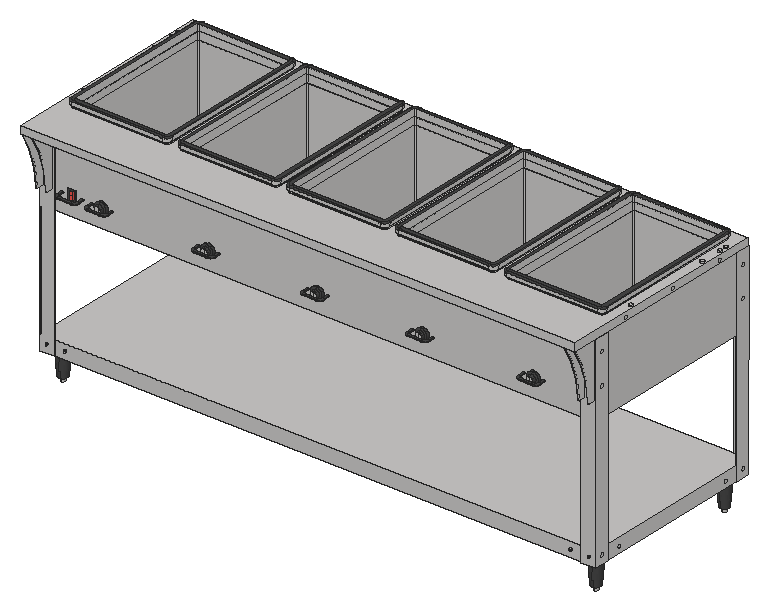
Revit family "QF_VOLLRATH_38215_SERVEWELL_SL_HOT_FOOD_TABLE", category Specialty Equipment, Revit 2022
Family settings
  Round Connector Dimension = Use Diameter
  Part Type = Normal
  Work Plane-Based = No
  Always vertical = Yes
  Cut with Voids When Loaded = No
  Maintain Annotation Orientation = No
  Shared = No
  Room Calculation Point = No
Parameters
  Weight in Pounds = 0
  Watts = 3500 W
  Volts = 120 V
  URL Cutsheet = ""
  Specification by User = ""
  Specification by Manufacturer = ""
  Serial Number = ""
  Seismic Rating = ""
  SMACNA No = ""
  Revision Code = ""
  Phase = 1
  Number of Poles = 1
  NAFEM Spec ID Number = ""
  Model = "38215"
  Min Ckt Ampacity = 0 A
  Max Overcurrent Protection = 0 A
  Masterspec = ""
  Manufacturer = "VOLLRATH"
  Length = 76"
  Item Number = ""
  Installed By = ""
  Identify Quantity as Lot = yes
  Height = 34"
  HP = ""
  Furnished By = ""
  Foodservice Equipment Identifier = yes
  FL Amps = 30 A
  Electrical Remarks = ""
  Electric Connection Type = ""
  Elec Conn RI Height = 0"
  Elec Conn Connection Height = 0"
  Description = "SERVEWELL SL HOT FOOD TABLE"
  Depth = 29 1/2"
  Default Elevation = 0"
  Cycle = 0 Hz
  Conn Plug = "NEMA 5-30P"
  Conn Conduit = yes
  CSI MasterFormat = ""
  Apparent Power = if(Phase = 3, Volts * FL Amps * 1.73, Volts * FL Amps)  # 3600 VA
Reference planes (in)
  plane 1 "BACK": y = 0
  plane 2: z = 0
  plane 3 "LEFT": x = 0
  plane 4 "RIGHT": x = 76
  plane 5 "FRONT": y = -29.5
  plane 6 "TOP": z = 34
  plane 7 "Center Y": x = 38
  plane 8 "Center X": y = -14.75
Dimensions and locks (in)
  equal spacing: plane 3 "LEFT", plane 7 "Center Y", plane 4 "RIGHT"
  "Length": plane 3 "LEFT" to plane 4 "RIGHT"
  equal spacing: plane 5 "FRONT", plane 8 "Center X", plane 1 "BACK"
  "Depth": plane 5 "FRONT" to plane 1 "BACK"
  "Height": plane 6 "TOP" to level
  nested 1 to level = 4"
  plane 4 "RIGHT" to plane 3 "LEFT" = 76"
  aligned and locked: level to plane 2
Nested families (in)
  nested 1: "QF_VOLLRATH_38203" at (0, 0, 0), type "QF_VOLLRATH_38203"
Connectors (in)
  electrical at (4.37729, -23.99392, 21.75393)
    settings: on nested 1, index 1, voltage 120 V, apparent load 0 VA, apparent load phase1 0 VA, apparent load phase2 0 VA, apparent load phase3 0 VA, power factor 1, load classification "Other", number of poles 1, system type 30, power factor state 1, is connector primary yes, connector utility no, sub classification motor no, connector description "ELECTRICAL CONNECTION"
Definition of nested family "QF_VOLLRATH_38203"
  Parameters (values of type "QF_VOLLRATH_38203")
    Weight in Pounds = 0
    Watts = 480 W
    Volts = 120 V
    URL Cutsheet = ""
    Specification by User = ""
    Specification by Manufacturer = ""
    Serial Number = ""
    Seismic Rating = ""
    SMACNA No = ""
    Revision Code = ""
    Phase = 0
    Number of Poles = 1
    NAFEM Spec ID Number = ""
    Model = "38204"
    Min Ckt Ampacity = 0 A
    Max Overcurrent Protection = 0 A
    Masterspec = ""
    Manufacturer = "VOLLRATH"
    Length = 76"
    Item Number = ""
    Installed By = ""
    Identify Quantity as Lot = yes
    Height = 34"
    HP = ""
    Furnished By = ""
    Foodservice Equipment Identifier = yes
    FL Amps = 15 A
    Electrical Remarks = ""
    Electric Connection Type = ""
    Elec Conn RI Height = 0"
    Elec Conn Connection Height = 0"
    Description = "SERVEWELL SL HOT FOOD TABLE"
    Depth = 29 1/2"
    Default Elevation = 0"
    Cycle = 0 Hz
    Conn Plug = "NEMA 5-20P"
    Conn Conduit = yes
    CSI MasterFormat = ""
    Apparent Power = if(Phase = 3, Volts * FL Amps * 1.73, Volts * FL Amps)  # 1800 VA
  Reference planes (in)
    plane 1 "BACK": y = 0
    plane 2: z = 0
    plane 3 "LEFT": x = 0
    plane 4 "RIGHT": x = 76
    plane 5 "FRONT": y = -29.5
    plane 6 "TOP": z = 34
    plane 7 "Center Y": x = 38
    plane 8 "Center X": y = -14.75
    plane 9: z = 4
    plane 10: y = -26
    plane 11: z = 6
    plane 12: x = 1.5
    plane 13: y = -18.1465
  Forms (in)
    Extrusion 1, solid
      sketch origin (-38.39759, -180, 34) x (-1, 0, 0) y (0, -1, 0)
        loop
          line (-38.39759, -180) -> (-38.39759, -150.5) -> (-114.39759, -150.5) -> (-114.39759, -180) -> (-38.39759, -180)
        loop
          arc (-52.9681, -178.35363) -> (-52.92233, -178.46411) -> (-52.81185, -178.50988) r 0.15625
          line (-52.81185, -178.50988) -> (-40.4056, -178.50988)
          arc (-40.4056, -178.50988) -> (-40.29511, -178.46411) -> (-40.24935, -178.35363) r 0.15625
          line (-40.24935, -178.35363) -> (-40.24935, -157.60363)
          arc (-40.24935, -157.60363) -> (-40.29511, -157.49314) -> (-40.4056, -157.44738) r 0.15625
          line (-40.4056, -157.44738) -> (-52.81185, -157.44738)
          arc (-52.81185, -157.44738) -> (-52.92233, -157.49314) -> (-52.9681, -157.60363) r 0.15625
          line (-52.9681, -157.60363) -> (-52.9681, -178.35363)
        loop
          line (-55.1556, -178.35363) -> (-55.1556, -157.60363)
          arc (-55.1556, -157.60363) -> (-55.20136, -157.49314) -> (-55.31185, -157.44738) r 0.15625
          line (-55.31185, -157.44738) -> (-67.7181, -157.44738)
          arc (-67.7181, -157.44738) -> (-67.82858, -157.49314) -> (-67.87435, -157.60363) r 0.15625
          line (-67.87435, -157.60363) -> (-67.87435, -178.35363)
          arc (-67.87435, -178.35363) -> (-67.82858, -178.46411) -> (-67.7181, -178.50988) r 0.15625
          line (-67.7181, -178.50988) -> (-55.31185, -178.50988)
          arc (-55.31185, -178.50988) -> (-55.20136, -178.46411) -> (-55.1556, -178.35363) r 0.15625
        loop
          arc (-70.03822, -157.60363) -> (-70.08398, -157.49314) -> (-70.19447, -157.44738) r 0.15625
          line (-70.19447, -157.44738) -> (-82.60072, -157.44738)
          arc (-82.60072, -157.44738) -> (-82.7112, -157.49314) -> (-82.75697, -157.60363) r 0.15625
          line (-82.75697, -157.60363) -> (-82.75697, -178.35363)
          arc (-82.75697, -178.35363) -> (-82.7112, -178.46411) -> (-82.60072, -178.50988) r 0.15625
          line (-82.60072, -178.50988) -> (-70.19447, -178.50988)
          arc (-70.19447, -178.50988) -> (-70.08398, -178.46411) -> (-70.03822, -178.35363) r 0.15625
          line (-70.03822, -178.35363) -> (-70.03822, -157.60363)
        loop
          line (-99.82709, -178.35363) -> (-99.82709, -157.60363)
          arc (-99.82709, -157.60363) -> (-99.87285, -157.49314) -> (-99.98334, -157.44738) r 0.15625
          line (-99.98334, -157.44738) -> (-112.38959, -157.44738)
          arc (-112.38959, -157.44738) -> (-112.50007, -157.49314) -> (-112.54584, -157.60363) r 0.15625
          line (-112.54584, -157.60363) -> (-112.54584, -178.35363)
          arc (-112.54584, -178.35363) -> (-112.50007, -178.46411) -> (-112.38959, -178.50988) r 0.15625
          line (-112.38959, -178.50988) -> (-99.98334, -178.50988)
          arc (-99.98334, -178.50988) -> (-99.87285, -178.46411) -> (-99.82709, -178.35363) r 0.15625
        loop
          arc (-97.63959, -178.35363) -> (-97.59382, -178.46411) -> (-97.48334, -178.50988) r 0.15625
          line (-97.48334, -178.50988) -> (-85.07709, -178.50988)
          arc (-85.07709, -178.50988) -> (-84.9666, -178.46411) -> (-84.92084, -178.35363) r 0.15625
          line (-84.92084, -178.35363) -> (-84.92084, -157.60363)
          arc (-84.92084, -157.60363) -> (-84.9666, -157.49314) -> (-85.07709, -157.44738) r 0.15625
          line (-85.07709, -157.44738) -> (-97.48334, -157.44738)
          arc (-97.48334, -157.44738) -> (-97.59382, -157.49314) -> (-97.63959, -157.60363) r 0.15625
          line (-97.63959, -157.60363) -> (-97.63959, -178.35363)
      from -0.90354 to -1.94773
    Extrusion 2, solid
      sketch origin (0, 0, 0) x (1, 0, 0) y (0, 1, 0)
        loop
          line (0, -26) -> (76, -26) -> (76, 0) -> (0, 0) -> (0, -26)
        loop
          arc (14.5705, -1.64637) -> (14.52474, -1.53589) -> (14.41425, -1.49012) r 0.15625
          line (14.41425, -1.49012) -> (2.008, -1.49012)
          arc (2.008, -1.49012) -> (1.89752, -1.53589) -> (1.85175, -1.64637) r 0.15625
          line (1.85175, -1.64637) -> (1.85175, -22.39637)
          arc (1.85175, -22.39637) -> (1.89752, -22.50686) -> (2.008, -22.55262) r 0.15625
          line (2.008, -22.55262) -> (14.41425, -22.55262)
          arc (14.41425, -22.55262) -> (14.52474, -22.50686) -> (14.5705, -22.39637) r 0.15625
          line (14.5705, -22.39637) -> (14.5705, -1.64637)
        loop
          arc (29.47675, -1.64637) -> (29.43099, -1.53589) -> (29.3205, -1.49012) r 0.15625
          line (29.3205, -1.49012) -> (16.91425, -1.49012)
          arc (16.91425, -1.49012) -> (16.80377, -1.53589) -> (16.758, -1.64637) r 0.15625
          line (16.758, -1.64637) -> (16.758, -22.39637)
          arc (16.758, -22.39637) -> (16.80377, -22.50686) -> (16.91425, -22.55262) r 0.15625
          line (16.91425, -22.55262) -> (29.3205, -22.55262)
          arc (29.3205, -22.55262) -> (29.43099, -22.50686) -> (29.47675, -22.39637) r 0.15625
          line (29.47675, -22.39637) -> (29.47675, -1.64637)
        loop
          arc (44.35937, -1.64637) -> (44.31361, -1.53589) -> (44.20313, -1.49012) r 0.15625
          line (44.20313, -1.49012) -> (31.79687, -1.49012)
          arc (31.79687, -1.49012) -> (31.68639, -1.53589) -> (31.64063, -1.64637) r 0.15625
          line (31.64063, -1.64637) -> (31.64063, -22.39637)
          arc (31.64063, -22.39637) -> (31.68639, -22.50686) -> (31.79687, -22.55262) r 0.15625
          line (31.79687, -22.55262) -> (44.20313, -22.55262)
          arc (44.20313, -22.55262) -> (44.31361, -22.50686) -> (44.35937, -22.39637) r 0.15625
          line (44.35937, -22.39637) -> (44.35937, -1.64637)
        loop
          arc (59.242, -1.64637) -> (59.19623, -1.53589) -> (59.08575, -1.49012) r 0.15625
          line (59.08575, -1.49012) -> (46.6795, -1.49012)
          arc (46.6795, -1.49012) -> (46.56901, -1.53589) -> (46.52325, -1.64637) r 0.15625
          line (46.52325, -1.64637) -> (46.52325, -22.39637)
          arc (46.52325, -22.39637) -> (46.56901, -22.50686) -> (46.6795, -22.55262) r 0.15625
          line (46.6795, -22.55262) -> (59.08575, -22.55262)
          arc (59.08575, -22.55262) -> (59.19623, -22.50686) -> (59.242, -22.39637) r 0.15625
          line (59.242, -22.39637) -> (59.242, -1.64637)
        loop
          arc (74.14825, -1.64637) -> (74.10248, -1.53589) -> (73.992, -1.49012) r 0.15625
          line (73.992, -1.49012) -> (61.58575, -1.49012)
          arc (61.58575, -1.49012) -> (61.47526, -1.53589) -> (61.4295, -1.64637) r 0.15625
          line (61.4295, -1.64637) -> (61.4295, -22.39637)
          arc (61.4295, -22.39637) -> (61.47526, -22.50686) -> (61.58575, -22.55262) r 0.15625
          line (61.58575, -22.55262) -> (73.992, -22.55262)
          arc (73.992, -22.55262) -> (74.10248, -22.50686) -> (74.14825, -22.39637) r 0.15625
          line (74.14825, -22.39637) -> (74.14825, -1.64637)
      from 21.87893 to 32.05227
    Extrusion 3, solid
      sketch origin (0, 0, 0) x (1, 0, 0) y (0, 1, 0)
        loop
          line (-0.0625, -26.0625) -> (1.9375, -26.0625) -> (1.9375, -26) -> (0, -26) -> (0, -24.0625) -> (-0.0625, -24.0625) -> (-0.0625, -26.0625)
        loop
          line (-0.0625, 0.0625) -> (-0.0625, -1.9375) -> (0, -1.9375) -> (0, 0) -> (1.9375, 0) -> (1.9375, 0.0625) -> (-0.0625, 0.0625)
        loop
          line (76.0625, -26.0625) -> (76.0625, -24.0625) -> (76, -24.0625) -> (76, -26) -> (74.0625, -26) -> (74.0625, -26.0625) -> (76.0625, -26.0625)
        loop
          line (76.0625, 0.0625) -> (74.0625, 0.0625) -> (74.0625, 0) -> (76, 0) -> (76, -1.9375) -> (76.0625, -1.9375) -> (76.0625, 0.0625)
      from 4 to 32.05227
    Extrusion 4, solid
      sketch origin (0, -180, 4) x (-1, 0, 0) y (0, -1, 0)
        loop
          line (0, -180) -> (0, -154) -> (-76, -154) -> (-76, -180) -> (0, -180)
      from 0 to 2
    Sweep 5, solid
      path origin (0, 0, 0) x (1, 0, 0) y (0, 1, 0)
        loop
          arc (2.008, -1.14637) -> (1.65445, -1.29282) -> (1.508, -1.64637) r 0.5
          line (1.508, -1.64637) -> (1.508, -22.39637)
          arc (1.508, -22.39637) -> (1.65445, -22.74993) -> (2.008, -22.89637) r 0.5
          line (2.008, -22.89637) -> (14.41425, -22.89637)
          arc (14.41425, -22.89637) -> (14.76781, -22.74993) -> (14.91425, -22.39637) r 0.5
          line (14.91425, -22.39637) -> (14.91425, -1.64637)
          arc (14.91425, -1.64637) -> (14.76781, -1.29282) -> (14.41425, -1.14637) r 0.5
          line (14.41425, -1.14637) -> (2.008, -1.14637)
      profile origin (8.21113, -1.14637, 0) x (0, 1, 0) y (0, 0, 1)
        loop
          arc (0.21875, 33.86984) -> (0.18063, 33.96188) -> (0.08859, 34) r 0.13016
          line (0.08859, 34) -> (-0.34375, 34) -> (-0.34375, 21.87893) -> (0, 21.87893) -> (0, 33.09646)
          arc (0, 33.09646) -> (-0.07256, 33.26176) -> (-0.03125, 33.4375) r 0.285
          line (-0.03125, 33.4375) -> (0.21875, 33.4375) -> (0.21875, 33.86984)
    Extrusion 6, solid
      sketch origin (0, 0, 0) x (0, 1, 0) y (0, 0, 1)
        loop
          arc (-29.38523, 32.05227) -> (-27.76168, 28.48926) -> (-27.05801, 24.63752) r 15.90135
          arc (-27.05801, 24.63752) -> (-26.98006, 24.47007) -> (-26.80842, 24.40183) r 0.25
          line (-26.80842, 24.40183) -> (-26.0625, 24.40183) -> (-26.0625, 32.05227) -> (-29.38523, 32.05227)
      from 0.19267 to 0.26943
    Extrusion 7, solid
      sketch origin (1.38301, 0, 0) x (0, 1, 0) y (0, 0, 1)
        loop
          arc (-29.38523, 32.05227) -> (-27.76168, 28.48926) -> (-27.05801, 24.63752) r 15.90135
          arc (-27.05801, 24.63752) -> (-26.98006, 24.47007) -> (-26.80842, 24.40183) r 0.25
          line (-26.80842, 24.40183) -> (-26.0625, 24.40183) -> (-26.0625, 32.05227) -> (-29.38523, 32.05227)
      from 0.12501 to 0.21028
    Revolve 8, solid
      sketch origin (8.383, 0.0625, 0) x (0, 1, 0) y (0, 0, 1)
        loop
          line (-26.0625, 24.44451) -> (-26.0625, 25.25473) -> (-26.36725, 25.25473) -> (-26.50448, 24.94383) -> (-26.8125, 24.8613) -> (-26.8125, 24.44451) -> (-26.0625, 24.44451)
        axis (-26.8125, 24.44451) -> (-26.0625, 24.44451)
      angle from 0 to 360
    Sweep 9, solid
      path origin (0, 0, 0) x (1, 0, 0) y (0, 1, 0)
        loop
          line (7, -26) -> (7, -26.83521)
          arc (7, -26.83521) -> (7.12149, -27.12851) -> (7.41479, -27.25) r 0.41479
          line (7.41479, -27.25) -> (9.33594, -27.25)
          arc (9.33594, -27.25) -> (9.62872, -27.12872) -> (9.75, -26.83594) r 0.41406
          line (9.75, -26.83594) -> (9.75, -26)
      profile origin (8.37537, -27.25, 0) x (0, 1, 0) y (0, 0, 1)
        loop
          circle (0, 24.4375) r 0.125
    Revolve 10, solid
      sketch origin (23, 0.0625, 0) x (0, 1, 0) y (0, 0, 1)
        loop
          line (-26.0625, 24.44451) -> (-26.0625, 25.25473) -> (-26.36725, 25.25473) -> (-26.50448, 24.94383) -> (-26.8125, 24.8613) -> (-26.8125, 24.44451) -> (-26.0625, 24.44451)
        axis (-26.8125, 24.44451) -> (-26.0625, 24.44451)
      angle from 0 to 360
    Sweep 11, solid
      path origin (-0.37852, 0, 0) x (1, 0, 0) y (0, 1, 0)
        loop
          line (22, -26) -> (22, -26.83521)
          arc (22, -26.83521) -> (22.12149, -27.12851) -> (22.41479, -27.25) r 0.41479
          line (22.41479, -27.25) -> (24.33594, -27.25)
          arc (24.33594, -27.25) -> (24.62872, -27.12872) -> (24.75, -26.83594) r 0.41406
          line (24.75, -26.83594) -> (24.75, -26)
      profile origin (22.99685, -27.25, 0) x (0, 1, 0) y (0, 0, 1)
        loop
          circle (0, 24.4375) r 0.125
    Revolve 12, solid
      sketch origin (37.992, 0.0625, 0) x (0, 1, 0) y (0, 0, -1)
        loop
          line (-26.0625, -24.44451) -> (-26.8125, -24.44451) -> (-26.8125, -24.8613) -> (-26.50448, -24.94383) -> (-26.36725, -25.25473) -> (-26.0625, -25.25473) -> (-26.0625, -24.44451)
        axis (-26.8125, -24.44451) -> (-26.0625, -24.44451)
      angle from 0 to 360
    Sweep 13, solid
      path origin (46, 0, 0) x (-1, 0, 0) y (0, -1, 0)
        loop
          line (-7.6875, 26) -> (-7.6875, 26.83521)
          arc (-7.6875, 26.83521) -> (-7.56601, 27.12851) -> (-7.27271, 27.25) r 0.41479
          line (-7.27271, 27.25) -> (-5.35156, 27.25)
          arc (-5.35156, 27.25) -> (-5.05878, 27.12872) -> (-4.9375, 26.83594) r 0.41406
          line (-4.9375, 26.83594) -> (-4.9375, 26)
      profile origin (52.31213, -27.25, 0) x (0, -1, 0) y (0, 0, 1)
        loop
          circle (0, 24.4375) r 0.125
    Extrusion 14, solid
      sketch origin (0, -26, 0) x (1, 0, 0) y (0, 0, 1)
        loop
          line (3.81326, 25.25117) -> (3.81326, 23.75117) -> (4.81326, 23.75117) -> (4.81326, 25.25117) -> (3.81326, 25.25117)
        loop
          line (4.10495, 25.04634) -> (4.10495, 24.03072) -> (4.52019, 24.03072) -> (4.52019, 25.04634) -> (4.10495, 25.04634)
      from 0 to 0.0625
    Extrusion 15, solid
      sketch origin (4.10495, -26, 24.53072) x (0, 0, 1) y (0, -1, 0)
        loop
          line (0.51563, 0.0625) -> (0.51563, 0.12731) -> (0.05202, 0.12731) -> (-0.49994, 0.20488) -> (-0.49994, 0.0625) -> (0.51563, 0.0625)
      from 0 to 0.41524
    Sweep 16, solid
      path origin (-4.03125, 0, 0) x (1, 0, 0) y (0, 1, 0)
        loop
          line (7, -26) -> (7, -26.83521)
          arc (7, -26.83521) -> (7.12149, -27.12851) -> (7.41479, -27.25) r 0.41479
          line (7.41479, -27.25) -> (9.33594, -27.25)
          arc (9.33594, -27.25) -> (9.62872, -27.12872) -> (9.75, -26.83594) r 0.41406
          line (9.75, -26.83594) -> (9.75, -26)
      profile origin (4.34412, -27.25, 0) x (0, 1, 0) y (0, 0, 1)
        loop
          circle (0, 24.4375) r 0.125
    Extrusion 17, solid
      sketch origin (-38.39759, -180, 33.09646) x (-1, 0, 0) y (0, -1, 0)
        loop
          circle (-38.90258, -176.94303) r 0.25
        loop
          circle (-38.90258, -175.89791) r 0.25
        loop
          circle (-38.93459, -172.90202) r 0.25
        loop
          circle (-38.96584, -160.74577) r 0.25
      from 0 to 0.0625
    Extrusion 18, solid
      sketch origin (0.1875, 0, 21.87893) x (0, 1, 0) y (1, 0, 0)
        loop
          circle (-23.99392, 4.18979) r 0.5
      from 0 to 0.125
    Extrusion 19, solid
      sketch origin (0, 0, 21.87893) x (0, 1, 0) y (1, 0, 0)
        loop
          circle (-19.65551, 8.32474) r 0.5
        loop
          circle (-19.65551, 22.82474) r 0.5
        loop
          circle (-19.65551, 38) r 0.5
        loop
          circle (-19.65551, 67.67526) r 0.5
        loop
          circle (-19.65551, 53.17526) r 0.5
        loop
          circle (-19.65551, 8.32474) r 0.5625
        loop
          circle (-19.65551, 22.82474) r 0.5625
        loop
          circle (-19.65551, 38) r 0.5625
        loop
          circle (-19.65551, 53.17526) r 0.5625
        loop
          circle (-19.65551, 67.67526) r 0.5625
      from 0 to 2
    Extrusion 20, solid
      sketch origin (0, 0, 0) x (1, 0, 0) y (0, 0, 1)
        loop
          arc (8.11974, 21.11331) -> (7.98829, 20.87122) -> (8.15928, 20.65522) r 0.25
          line (8.15928, 20.65522) -> (8.15928, 19.87893) -> (8.44974, 19.87893) -> (8.44974, 20.65323)
          arc (8.44974, 20.65323) -> (8.62739, 20.87543) -> (8.48208, 21.12001) r 0.25
          line (8.48208, 21.12001) -> (8.48208, 21.37213) -> (8.11974, 21.37213) -> (8.11974, 21.11331)
      from 20.74955 to 20.32975
    Extrusion 21, solid
      sketch origin (0, 0, 0) x (1, 0, 0) y (0, 0, 1)
        loop
          circle (8.30179, 20.88613) r 0.25
      from 20.15525 to 20.32975
    Extrusion 22, solid
      sketch origin (-0.47959, 0, 0) x (1, 0, 0) y (0, 0, 1)
        loop
          arc (23.11974, 21.11331) -> (22.98829, 20.87122) -> (23.15928, 20.65522) r 0.25
          line (23.15928, 20.65522) -> (23.15928, 19.87893) -> (23.44974, 19.87893) -> (23.44974, 20.65323)
          arc (23.44974, 20.65323) -> (23.62739, 20.87543) -> (23.48208, 21.12001) r 0.25
          line (23.48208, 21.12001) -> (23.48208, 21.37213) -> (23.11974, 21.37213) -> (23.11974, 21.11331)
      from 20.74955 to 20.32975
    Extrusion 23, solid
      sketch origin (-0.47278, 0, 0) x (1, 0, 0) y (0, 0, 1)
        loop
          circle (23.30179, 20.88613) r 0.25
      from 20.15525 to 20.32975
    Extrusion 24, solid
      sketch origin (30.18325, 0, 0) x (1, 0, 0) y (0, 0, 1)
        loop
          arc (22.80724, 21.11331) -> (22.67579, 20.87122) -> (22.84678, 20.65522) r 0.25
          line (22.84678, 20.65522) -> (22.84678, 19.87893) -> (23.13724, 19.87893) -> (23.13724, 20.65323)
          arc (23.13724, 20.65323) -> (23.31489, 20.87543) -> (23.16958, 21.12001) r 0.25
          line (23.16958, 21.12001) -> (23.16958, 21.37213) -> (22.80724, 21.37213) -> (22.80724, 21.11331)
      from 20.74955 to 20.32975
    Extrusion 25, solid
      sketch origin (30.18325, 0, 0) x (1, 0, 0) y (0, 0, 1)
        loop
          circle (22.98929, 20.88613) r 0.25
      from 20.15525 to 20.32975
    Extrusion 26, solid
      sketch origin (76, 0, 34) x (0, -1, 0) y (0, 0, -1)
        loop
          circle (25.09699, 3.76064) r 0.17669
        loop
          circle (25.09699, 8.01064) r 0.17669
        loop
          circle (25.09699, 28.76064) r 0.17669
        loop
          circle (22.10841, 29.02211) r 0.17669
        loop
          circle (3.92282, 29.02211) r 0.17669
        loop
          circle (0.93013, 28.81284) r 0.17669
        loop
          circle (0.93013, 7.8989) r 0.17669
        loop
          circle (0.93013, 3.74659) r 0.17669
        loop
          circle (20.96222, 1.42378) r 0.17669
        loop
          circle (12.96222, 1.42378) r 0.17669
        loop
          circle (4.96222, 1.42378) r 0.17669
      from 0 to 0.125
    Extrusion 27, solid
      sketch origin (0, 0, 34) x (0, -1, 0) y (0, 0, 1)
        loop
          circle (25.09699, -3.76064) r 0.17669
        loop
          circle (25.09699, -8.01064) r 0.17669
        loop
          circle (25.09699, -28.76064) r 0.17669
        loop
          circle (22.10841, -29.02211) r 0.17669
        loop
          circle (3.92282, -29.02211) r 0.17669
        loop
          circle (0.93013, -28.81284) r 0.17669
        loop
          circle (0.93013, -7.8989) r 0.17669
        loop
          circle (0.93013, -3.74659) r 0.17669
        loop
          circle (20.96222, -1.42378) r 0.17669
        loop
          circle (12.96222, -1.42378) r 0.17669
        loop
          circle (4.96222, -1.42378) r 0.17669
      from 0 to 0.125
    Extrusion 28, solid
      sketch origin (76.0625, -26.0625, 0) x (-1, 0, 0) y (0, 0, -1)
        loop
          circle (0.93848, -30.25949) r 0.14866
        loop
          circle (0.93848, -26.00949) r 0.14866
        loop
          circle (75.18652, -30.25949) r 0.14866
        loop
          circle (75.18652, -26.00949) r 0.14866
        loop
          circle (75.18652, -5.09351) r 0.14866
        loop
          circle (72.68652, -5.09351) r 0.14866
        loop
          circle (0.93848, -5.09351) r 0.14866
        loop
          circle (3.43848, -5.09351) r 0.14866
      from 0 to 0.0625
    Revolve 29, solid
      sketch origin (1.5, 0, 0) x (0, 1, 0) y (0, 0, 1)
        loop
          line (-24.0625, 4) -> (-24.99188, 4) -> (-24.69114, 0.5625) -> (-24.34375, 0.5625) -> (-24.34375, 0) -> (-24.0625, 0) -> (-24.0625, 4)
        axis (-24.0625, 4) -> (-24.0625, 0)
      angle from 0 to 360
    Revolve 30, solid
      sketch origin (1.5, -26.125, 0) x (0, -1, 0) y (0, 0, -1)
        loop
          line (-24.0625, -4) -> (-24.0625, 0) -> (-24.34375, 0) -> (-24.34375, -0.5625) -> (-24.69114, -0.5625) -> (-24.99188, -4) -> (-24.0625, -4)
        axis (-24.0625, -4) -> (-24.0625, 0)
      angle from 0 to 360
    Blend 31, solid
      base sketch origin (46, 0, 0) x (-1, 0, 0) y (0, -1, 0)
        loop
          line (40.06273, 18.1465) -> (44.56273, 18.1465) -> (44.56273, 23.02664) -> (40.06273, 23.02664) -> (40.06273, 18.1465)
      top sketch origin (46, 0, 0) x (-1, 0, 0) y (0, -1, 0)
        loop
          line (40.56273, 22.52664) -> (40.56273, 18.6465) -> (44.06273, 18.6465) -> (44.06273, 22.52664) -> (40.56273, 22.52664)
      from 4 to 3.30089
    Blend 32, solid
      base sketch origin (46, -26.0164, 0) x (-1, 0, 0) y (0, -1, 0)
        loop
          line (40.06273, -18.1465) -> (40.06273, -23.02664) -> (44.56273, -23.02664) -> (44.56273, -18.1465) -> (40.06273, -18.1465)
      top sketch origin (46, -26.0164, 0) x (-1, 0, 0) y (0, -1, 0)
        loop
          line (40.56273, -22.52664) -> (44.06273, -22.52664) -> (44.06273, -18.6465) -> (40.56273, -18.6465) -> (40.56273, -22.52664)
      from 4 to 3.30089
    Extrusion 33, solid
      sketch origin (45.98841, 0, 0) x (-1, 0, 0) y (0, 0, -1)
        loop
          line (7.80724, -21.11331) -> (7.80724, -21.37213) -> (8.16958, -21.37213) -> (8.16958, -21.12001)
          arc (8.16958, -21.12001) -> (8.31489, -20.87543) -> (8.13724, -20.65323) r 0.25
          line (8.13724, -20.65323) -> (8.13724, -19.87893) -> (7.84678, -19.87893) -> (7.84678, -20.65522)
          arc (7.84678, -20.65522) -> (7.67579, -20.87122) -> (7.80724, -21.11331) r 0.25
      from 20.74955 to 20.32975
    Extrusion 34, solid
      sketch origin (61.48416, 0, 0) x (-1, 0, 0) y (0, 0, -1)
        loop
          circle (8.30179, -20.88613) r 0.25
      from 20.15525 to 20.32975
    Extrusion 35, solid
      sketch origin (45.9816, 0, 0) x (-1, 0, 0) y (0, 0, -1)
        loop
          circle (7.98929, -20.88613) r 0.25
      from 20.15525 to 20.32975
    Revolve 36, solid
      sketch origin (52.367, 0.0625, 0) x (0, 1, 0) y (0, 0, -1)
        loop
          line (-26.0625, -24.44451) -> (-26.8125, -24.44451) -> (-26.8125, -24.8613) -> (-26.50448, -24.94383) -> (-26.36725, -25.25473) -> (-26.0625, -25.25473) -> (-26.0625, -24.44451)
        axis (-26.8125, -24.44451) -> (-26.0625, -24.44451)
      angle from 0 to 360
    Revolve 37, solid
      sketch origin (74.5, 0, 0) x (0, 1, 0) y (0, 0, -1)
        loop
          line (-24.0625, -4) -> (-24.0625, 0) -> (-24.34375, 0) -> (-24.34375, -0.5625) -> (-24.69114, -0.5625) -> (-24.99188, -4) -> (-24.0625, -4)
        axis (-24.0625, -4) -> (-24.0625, 0)
      angle from 0 to 360
    Revolve 38, solid
      sketch origin (74.5, -26.125, 0) x (0, -1, 0) y (0, 0, 1)
        loop
          line (-24.0625, 4) -> (-24.99188, 4) -> (-24.69114, 0.5625) -> (-24.34375, 0.5625) -> (-24.34375, 0) -> (-24.0625, 0) -> (-24.0625, 4)
        axis (-24.0625, 4) -> (-24.0625, 0)
      angle from 0 to 360
    Blend 39, solid
      base sketch origin (30, 0, 0) x (1, 0, 0) y (0, 1, 0)
        loop
          line (40.06273, -18.1465) -> (40.06273, -23.02664) -> (44.56273, -23.02664) -> (44.56273, -18.1465) -> (40.06273, -18.1465)
      top sketch origin (30, 0, 0) x (1, 0, 0) y (0, 1, 0)
        loop
          line (40.56273, -22.52664) -> (44.06273, -22.52664) -> (44.06273, -18.6465) -> (40.56273, -18.6465) -> (40.56273, -22.52664)
      from 4 to 3.30089
    Blend 40, solid
      base sketch origin (30, -26.0164, 0) x (1, 0, 0) y (0, 1, 0)
        loop
          line (40.06273, 18.1465) -> (44.56273, 18.1465) -> (44.56273, 23.02664) -> (40.06273, 23.02664) -> (40.06273, 18.1465)
      top sketch origin (30, -26.0164, 0) x (1, 0, 0) y (0, 1, 0)
        loop
          line (40.56273, 22.52664) -> (40.56273, 18.6465) -> (44.06273, 18.6465) -> (44.06273, 22.52664) -> (40.56273, 22.52664)
      from 4 to 3.30089
    Extrusion 41, solid
      sketch origin (76, 0, 0) x (0, 1, 0) y (0, 0, -1)
        loop
          line (-29.38523, -32.05227) -> (-26.0625, -32.05227) -> (-26.0625, -24.40183) -> (-26.80842, -24.40183)
          arc (-26.80842, -24.40183) -> (-26.98006, -24.47007) -> (-27.05801, -24.63752) r 0.25
          arc (-27.05801, -24.63752) -> (-27.76168, -28.48926) -> (-29.38523, -32.05227) r 15.90135
      from 0.19267 to 0.26943
    Extrusion 42, solid
      sketch origin (74.61699, 0, 0) x (0, 1, 0) y (0, 0, -1)
        loop
          line (-29.38523, -32.05227) -> (-26.0625, -32.05227) -> (-26.0625, -24.40183) -> (-26.80842, -24.40183)
          arc (-26.80842, -24.40183) -> (-26.98006, -24.47007) -> (-27.05801, -24.63752) r 0.25
          arc (-27.05801, -24.63752) -> (-27.76168, -28.48926) -> (-29.38523, -32.05227) r 15.90135
      from 0.12501 to 0.21028
    Sweep 43, solid
      path origin (14.90625, 0, 0) x (1, 0, 0) y (0, 1, 0)
        loop
          arc (2.008, -1.14637) -> (1.65445, -1.29282) -> (1.508, -1.64637) r 0.5
          line (1.508, -1.64637) -> (1.508, -22.39637)
          arc (1.508, -22.39637) -> (1.65445, -22.74993) -> (2.008, -22.89637) r 0.5
          line (2.008, -22.89637) -> (14.41425, -22.89637)
          arc (14.41425, -22.89637) -> (14.76781, -22.74993) -> (14.91425, -22.39637) r 0.5
          line (14.91425, -22.39637) -> (14.91425, -1.64637)
          arc (14.91425, -1.64637) -> (14.76781, -1.29282) -> (14.41425, -1.14637) r 0.5
          line (14.41425, -1.14637) -> (2.008, -1.14637)
      profile origin (23.11738, -1.14637, 0) x (0, 1, 0) y (0, 0, 1)
        loop
          arc (0.21875, 33.86984) -> (0.18063, 33.96188) -> (0.08859, 34) r 0.13016
          line (0.08859, 34) -> (-0.34375, 34) -> (-0.34375, 21.87893) -> (0, 21.87893) -> (0, 33.09646)
          arc (0, 33.09646) -> (-0.07256, 33.26176) -> (-0.03125, 33.4375) r 0.285
          line (-0.03125, 33.4375) -> (0.21875, 33.4375) -> (0.21875, 33.86984)
    Sweep 44, solid
      path origin (29.78887, 0, 0) x (1, 0, 0) y (0, 1, 0)
        loop
          arc (2.008, -1.14637) -> (1.65445, -1.29282) -> (1.508, -1.64637) r 0.5
          line (1.508, -1.64637) -> (1.508, -22.39637)
          arc (1.508, -22.39637) -> (1.65445, -22.74993) -> (2.008, -22.89637) r 0.5
          line (2.008, -22.89637) -> (14.41425, -22.89637)
          arc (14.41425, -22.89637) -> (14.76781, -22.74993) -> (14.91425, -22.39637) r 0.5
          line (14.91425, -22.39637) -> (14.91425, -1.64637)
          arc (14.91425, -1.64637) -> (14.76781, -1.29282) -> (14.41425, -1.14637) r 0.5
          line (14.41425, -1.14637) -> (2.008, -1.14637)
      profile origin (38, -1.14637, 0) x (0, 1, 0) y (0, 0, 1)
        loop
          arc (0.21875, 33.86984) -> (0.18063, 33.96188) -> (0.08859, 34) r 0.13016
          line (0.08859, 34) -> (-0.34375, 34) -> (-0.34375, 21.87893) -> (0, 21.87893) -> (0, 33.09646)
          arc (0, 33.09646) -> (-0.07256, 33.26176) -> (-0.03125, 33.4375) r 0.285
          line (-0.03125, 33.4375) -> (0.21875, 33.4375) -> (0.21875, 33.86984)
    Sweep 45, solid
      path origin (76, 0, 0) x (-1, 0, 0) y (0, -1, 0)
        loop
          line (2.008, 1.14637) -> (14.41425, 1.14637)
          arc (14.41425, 1.14637) -> (14.76781, 1.29282) -> (14.91425, 1.64637) r 0.5
          line (14.91425, 1.64637) -> (14.91425, 22.39637)
          arc (14.91425, 22.39637) -> (14.76781, 22.74993) -> (14.41425, 22.89637) r 0.5
          line (14.41425, 22.89637) -> (2.008, 22.89637)
          arc (2.008, 22.89637) -> (1.65445, 22.74993) -> (1.508, 22.39637) r 0.5
          line (1.508, 22.39637) -> (1.508, 1.64637)
          arc (1.508, 1.64637) -> (1.65445, 1.29282) -> (2.008, 1.14637) r 0.5
      profile origin (67.78887, -1.14637, 0) x (0, -1, 0) y (0, 0, 1)
        loop
          line (-0.21875, 33.86984) -> (-0.21875, 33.4375) -> (0.03125, 33.4375)
          arc (0.03125, 33.4375) -> (0.07256, 33.26176) -> (0, 33.09646) r 0.285
          line (0, 33.09646) -> (0, 21.87893) -> (0.34375, 21.87893) -> (0.34375, 34) -> (-0.08859, 34)
          arc (-0.08859, 34) -> (-0.18063, 33.96188) -> (-0.21875, 33.86984) r 0.13016
    Sweep 46, solid
      path origin (61.09375, 0, 0) x (-1, 0, 0) y (0, -1, 0)
        loop
          line (2.008, 1.14637) -> (14.41425, 1.14637)
          arc (14.41425, 1.14637) -> (14.76781, 1.29282) -> (14.91425, 1.64637) r 0.5
          line (14.91425, 1.64637) -> (14.91425, 22.39637)
          arc (14.91425, 22.39637) -> (14.76781, 22.74993) -> (14.41425, 22.89637) r 0.5
          line (14.41425, 22.89637) -> (2.008, 22.89637)
          arc (2.008, 22.89637) -> (1.65445, 22.74993) -> (1.508, 22.39637) r 0.5
          line (1.508, 22.39637) -> (1.508, 1.64637)
          arc (1.508, 1.64637) -> (1.65445, 1.29282) -> (2.008, 1.14637) r 0.5
      profile origin (52.88262, -1.14637, 0) x (0, -1, 0) y (0, 0, 1)
        loop
          line (-0.21875, 33.86984) -> (-0.21875, 33.4375) -> (0.03125, 33.4375)
          arc (0.03125, 33.4375) -> (0.07256, 33.26176) -> (0, 33.09646) r 0.285
          line (0, 33.09646) -> (0, 21.87893) -> (0.34375, 21.87893) -> (0.34375, 34) -> (-0.08859, 34)
          arc (-0.08859, 34) -> (-0.18063, 33.96188) -> (-0.21875, 33.86984) r 0.13016
    Extrusion 47, solid
      sketch origin (44.68325, 0, 0) x (1, 0, 0) y (0, 0, 1)
        loop
          arc (22.80724, 21.11331) -> (22.67579, 20.87122) -> (22.84678, 20.65522) r 0.25
          line (22.84678, 20.65522) -> (22.84678, 19.87893) -> (23.13724, 19.87893) -> (23.13724, 20.65323)
          arc (23.13724, 20.65323) -> (23.31489, 20.87543) -> (23.16958, 21.12001) r 0.25
          line (23.16958, 21.12001) -> (23.16958, 21.37213) -> (22.80724, 21.37213) -> (22.80724, 21.11331)
      from 20.74955 to 20.32975
    Extrusion 48, solid
      sketch origin (44.68325, 0, 0) x (1, 0, 0) y (0, 0, 1)
        loop
          circle (22.98929, 20.88613) r 0.25
      from 20.15525 to 20.32975
    Extrusion 49, solid
      sketch origin (75.98416, 0, 0) x (-1, 0, 0) y (0, 0, -1)
        loop
          circle (8.30179, -20.88613) r 0.25
      from 20.15525 to 20.32975
    Sweep 50, solid
      path origin (61.25, 0, 0) x (-1, 0, 0) y (0, -1, 0)
        loop
          line (-7.6875, 26) -> (-7.6875, 26.83521)
          arc (-7.6875, 26.83521) -> (-7.56601, 27.12851) -> (-7.27271, 27.25) r 0.41479
          line (-7.27271, 27.25) -> (-5.35156, 27.25)
          arc (-5.35156, 27.25) -> (-5.05878, 27.12872) -> (-4.9375, 26.83594) r 0.41406
          line (-4.9375, 26.83594) -> (-4.9375, 26)
      profile origin (67.56213, -27.25, 0) x (0, -1, 0) y (0, 0, 1)
        loop
          circle (0, 24.4375) r 0.125
    Revolve 51, solid
      sketch origin (67.617, 0.0625, 0) x (0, 1, 0) y (0, 0, -1)
        loop
          line (-26.0625, -24.44451) -> (-26.8125, -24.44451) -> (-26.8125, -24.8613) -> (-26.50448, -24.94383) -> (-26.36725, -25.25473) -> (-26.0625, -25.25473) -> (-26.0625, -24.44451)
        axis (-26.8125, -24.44451) -> (-26.0625, -24.44451)
      angle from 0 to 360
    Sweep 52, solid
      path origin (31.65044, 0, 0) x (-1, 0, 0) y (0, -1, 0)
        loop
          line (-7.6875, 26) -> (-7.6875, 26.83521)
          arc (-7.6875, 26.83521) -> (-7.56601, 27.12851) -> (-7.27271, 27.25) r 0.41479
          line (-7.27271, 27.25) -> (-5.35156, 27.25)
          arc (-5.35156, 27.25) -> (-5.05878, 27.12872) -> (-4.9375, 26.83594) r 0.41406
          line (-4.9375, 26.83594) -> (-4.9375, 26)
      profile origin (37.96258, -27.25, 0) x (0, -1, 0) y (0, 0, 1)
        loop
          circle (0, 24.4375) r 0.125
    Extrusion 53, solid
      sketch origin (0, 0, 21.87893) x (0, 1, 0) y (1, 0, 0)
        loop
          line (-22.39637, 1.85175) -> (-1.64637, 1.85175)
          arc (-1.64637, 1.85175) -> (-1.53589, 1.89752) -> (-1.49012, 2.008) r 0.15625
          line (-1.49012, 2.008) -> (-1.49012, 14.41425)
          arc (-1.49012, 14.41425) -> (-1.53589, 14.52474) -> (-1.64637, 14.5705) r 0.15625
          line (-1.64637, 14.5705) -> (-22.39637, 14.5705)
          arc (-22.39637, 14.5705) -> (-22.50686, 14.52474) -> (-22.55262, 14.41425) r 0.15625
          line (-22.55262, 14.41425) -> (-22.55262, 2.008)
          arc (-22.55262, 2.008) -> (-22.50686, 1.89752) -> (-22.39637, 1.85175) r 0.15625
        loop
          line (-22.39637, 16.758) -> (-1.64637, 16.758)
          arc (-1.64637, 16.758) -> (-1.53589, 16.80377) -> (-1.49012, 16.91425) r 0.15625
          line (-1.49012, 16.91425) -> (-1.49012, 29.3205)
          arc (-1.49012, 29.3205) -> (-1.53589, 29.43099) -> (-1.64637, 29.47675) r 0.15625
          line (-1.64637, 29.47675) -> (-22.39637, 29.47675)
          arc (-22.39637, 29.47675) -> (-22.50686, 29.43099) -> (-22.55262, 29.3205) r 0.15625
          line (-22.55262, 29.3205) -> (-22.55262, 16.91425)
          arc (-22.55262, 16.91425) -> (-22.50686, 16.80377) -> (-22.39637, 16.758) r 0.15625
        loop
          line (-22.39637, 31.64063) -> (-1.64637, 31.64063)
          arc (-1.64637, 31.64063) -> (-1.53589, 31.68639) -> (-1.49012, 31.79687) r 0.15625
          line (-1.49012, 31.79687) -> (-1.49012, 44.20313)
          arc (-1.49012, 44.20313) -> (-1.53589, 44.31361) -> (-1.64637, 44.35937) r 0.15625
          line (-1.64637, 44.35937) -> (-22.39637, 44.35937)
          arc (-22.39637, 44.35937) -> (-22.50686, 44.31361) -> (-22.55262, 44.20313) r 0.15625
          line (-22.55262, 44.20313) -> (-22.55262, 31.79687)
          arc (-22.55262, 31.79687) -> (-22.50686, 31.68639) -> (-22.39637, 31.64063) r 0.15625
        loop
          line (-22.39637, 46.52325) -> (-1.64637, 46.52325)
          arc (-1.64637, 46.52325) -> (-1.53589, 46.56901) -> (-1.49012, 46.6795) r 0.15625
          line (-1.49012, 46.6795) -> (-1.49012, 59.08575)
          arc (-1.49012, 59.08575) -> (-1.53589, 59.19623) -> (-1.64637, 59.242) r 0.15625
          line (-1.64637, 59.242) -> (-22.39637, 59.242)
          arc (-22.39637, 59.242) -> (-22.50686, 59.19623) -> (-22.55262, 59.08575) r 0.15625
          line (-22.55262, 59.08575) -> (-22.55262, 46.6795)
          arc (-22.55262, 46.6795) -> (-22.50686, 46.56901) -> (-22.39637, 46.52325) r 0.15625
        loop
          line (-22.39637, 61.4295) -> (-1.64637, 61.4295)
          arc (-1.64637, 61.4295) -> (-1.53589, 61.47526) -> (-1.49012, 61.58575) r 0.15625
          line (-1.49012, 61.58575) -> (-1.49012, 73.992)
          arc (-1.49012, 73.992) -> (-1.53589, 74.10248) -> (-1.64637, 74.14825) r 0.15625
          line (-1.64637, 74.14825) -> (-22.39637, 74.14825)
          arc (-22.39637, 74.14825) -> (-22.50686, 74.10248) -> (-22.55262, 73.992) r 0.15625
          line (-22.55262, 73.992) -> (-22.55262, 61.58575)
          arc (-22.55262, 61.58575) -> (-22.50686, 61.47526) -> (-22.39637, 61.4295) r 0.15625
        loop
          circle (-19.65551, 67.67526) r 0.5
        loop
          circle (-19.65551, 53.17526) r 0.5
        loop
          circle (-19.65551, 38) r 0.5
        loop
          circle (-19.65551, 22.82474) r 0.5
        loop
          circle (-19.65638, 8.32444) r 0.5
      from 0 to -0.54352
    Extrusion 54, solid
      sketch origin (114.39759, -180, 33.09646) x (1, 0, 0) y (0, 1, 0)
        loop
          circle (-38.90258, 176.94303) r 0.25
        loop
          circle (-38.90258, 175.89791) r 0.25
        loop
          circle (-38.93459, 172.90202) r 0.25
        loop
          circle (-38.96584, 160.74577) r 0.25
      from 0 to 0.0625
  Cuts and joins
    joined: Extrusion 2, Extrusion 3, Extrusion 4
  Lines and regions (in)
    Split face 1
      outline origin (0, -26, 32.05227) x (0, 0, -1) y (1, 0, 0)
        loop
          line (6.04686, 9.36933) -> (6.48436, 9.36933) -> (6.48436, 10.36933) -> (6.04686, 10.36933) -> (6.04686, 9.36933)
    Split face 2
      outline origin (0, -26, 32.05227) x (0, 0, -1) y (1, 0, 0)
        loop
          circle (6.79224, 9.82181) r 0.16586
    Split face 3
      outline origin (0.25, -26, 32.05227) x (0, 0, -1) y (1, 0, 0)
        loop
          line (6.04686, 38.30683) -> (6.48436, 38.30683) -> (6.48436, 39.30683) -> (6.04686, 39.30683) -> (6.04686, 38.30683)
    Split face 4
      outline origin (0.25, -26, 32.05227) x (0, 0, -1) y (1, 0, 0)
        loop
          circle (6.79224, 38.79056) r 0.16586
    Split face 5
      outline origin (0.125, -26, 32.05227) x (0, 0, -1) y (1, 0, 0)
        loop
          line (6.04686, 53.05683) -> (6.48436, 53.05683) -> (6.48436, 54.05683) -> (6.04686, 54.05683) -> (6.04686, 53.05683)
    Split face 6
      outline origin (0.125, -26, 32.05227) x (0, 0, -1) y (1, 0, 0)
        loop
          circle (6.79224, 53.55618) r 0.16586
    Split face 7
      outline origin (0, -26, 32.05227) x (0, 0, -1) y (1, 0, 0)
        loop
          arc (6.95843, 13.99045) -> (6.98589, 13.92416) -> (7.05218, 13.8967) r 0.09375
          line (7.05218, 13.8967) -> (8.17718, 13.8967)
          arc (8.17718, 13.8967) -> (8.24347, 13.92416) -> (8.27093, 13.99045) r 0.09375
          line (8.27093, 13.99045) -> (8.27093, 17.92817)
          arc (8.27093, 17.92817) -> (8.24353, 17.99431) -> (8.1774, 18.0217) r 0.09353
          line (8.1774, 18.0217) -> (7.05218, 18.0217)
          arc (7.05218, 18.0217) -> (6.98589, 17.99424) -> (6.95843, 17.92795) r 0.09375
          line (6.95843, 17.92795) -> (6.95843, 13.99045)
    Split face 8
      outline origin (0, -26, 32.05227) x (0, 0, -1) y (1, 0, 0)
        loop
          line (6.04686, 23.99433) -> (6.48436, 23.99433) -> (6.48436, 24.99433) -> (6.04686, 24.99433) -> (6.04686, 23.99433)
    Split face 9
      outline origin (0, -26, 32.05227) x (0, 0, -1) y (1, 0, 0)
        loop
          circle (6.79224, 24.46081) r 0.16586
    Split face 10
      outline origin (0, -26, 32.05227) x (0, 0, -1) y (1, 0, 0)
        loop
          line (6.04686, 68.49433) -> (6.48436, 68.49433) -> (6.48436, 69.49433) -> (6.04686, 69.49433) -> (6.04686, 68.49433)
    Split face 11
      outline origin (0, -26, 32.05227) x (0, 0, -1) y (1, 0, 0)
        loop
          circle (6.79224, 68.93118) r 0.16586
    symbolic lines
      curve 1: line (0, 0, 0) -> (0, -29.5, 0)
      curve 2: line (0, -29.5, 0) -> (76, -29.5, 0)
      curve 3: line (76, -29.5, 0) -> (76, 0, 0)
      curve 4: line (76, 0, 0) -> (0, 0, 0)
      curve 5: arc (8.32444, -19.15638, 0) -> (8.82444, -19.65638, 0) -> (8.32444, -20.15638, 0) r 0.5
      curve 6: arc (8.32444, -20.15638, 0) -> (7.82444, -19.65638, 0) -> (8.32444, -19.15638, 0) r 0.5
      curve 7: arc (0.81824, -19.25423, 0) -> (0.56824, -19.00423, 0) -> (0.31824, -19.25423, 0) r 0.25
      curve 8: arc (0.31824, -19.25423, 0) -> (0.56824, -19.50423, 0) -> (0.81824, -19.25423, 0) r 0.25
      curve 9: arc (0.78699, -7.09798, 0) -> (0.53699, -6.84798, 0) -> (0.28699, -7.09798, 0) r 0.25
      curve 10: arc (0.28699, -7.09798, 0) -> (0.53699, -7.34798, 0) -> (0.78699, -7.09798, 0) r 0.25
      curve 11: arc (0.75498, -4.10209, 0) -> (0.50498, -3.85209, 0) -> (0.25498, -4.10209, 0) r 0.25
      curve 12: arc (0.25498, -4.10209, 0) -> (0.50498, -4.35209, 0) -> (0.75498, -4.10209, 0) r 0.25
      curve 13: arc (0.25498, -3.05697, 0) -> (0.50498, -3.30697, 0) -> (0.75498, -3.05697, 0) r 0.25
      curve 14: arc (0.75498, -3.05697, 0) -> (0.50498, -2.80697, 0) -> (0.25498, -3.05697, 0) r 0.25
      curve 15: line (14.5705, -1.64637, 0) -> (14.5705, -22.39637, 0)
      curve 16: arc (14.5705, -22.39637, 0) -> (14.52474, -22.50686, 0) -> (14.41425, -22.55262, 0) r 0.15625
      curve 17: line (14.41425, -22.55262, 0) -> (2.008, -22.55262, 0)
      curve 18: arc (2.008, -22.55262, 0) -> (1.89752, -22.50686, 0) -> (1.85175, -22.39637, 0) r 0.15625
      curve 19: line (1.85175, -22.39637, 0) -> (1.85175, -1.64637, 0)
      curve 20: arc (1.85175, -1.64637, 0) -> (1.89752, -1.53589, 0) -> (2.008, -1.49012, 0) r 0.15625
      curve 21: line (2.008, -1.49012, 0) -> (14.41425, -1.49012, 0)
      curve 22: arc (14.41425, -1.49012, 0) -> (14.52474, -1.53589, 0) -> (14.5705, -1.64637, 0) r 0.15625
      curve 23: line (14.41425, -23.11512, 0) -> (2.008, -23.11512, 0)
      curve 24: arc (2.008, -23.11512, 0) -> (1.49977, -22.90461, 0) -> (1.28925, -22.39637, 0) r 0.71875
      curve 25: line (1.28925, -22.39637, 0) -> (1.28925, -1.64637, 0)
      curve 26: arc (1.28925, -1.64637, 0) -> (1.49977, -1.13814, 0) -> (2.008, -0.92762, 0) r 0.71875
      curve 27: line (2.008, -0.92762, 0) -> (14.41425, -0.92762, 0)
      curve 28: arc (14.41425, -0.92762, 0) -> (14.92249, -1.13814, 0) -> (15.133, -1.64637, 0) r 0.71875
      curve 29: line (15.133, -1.64637, 0) -> (15.133, -22.39637, 0)
      curve 30: arc (15.133, -22.39637, 0) -> (14.92249, -22.90461, 0) -> (14.41425, -23.11512, 0) r 0.71875
      curve 31: arc (75.18176, -19.25423, 0) -> (75.43176, -19.50423, 0) -> (75.68176, -19.25423, 0) r 0.25
      curve 32: arc (75.68176, -19.25423, 0) -> (75.43176, -19.00423, 0) -> (75.18176, -19.25423, 0) r 0.25
      curve 33: arc (75.71301, -7.09798, 0) -> (75.46301, -6.84798, 0) -> (75.21301, -7.09798, 0) r 0.25
      curve 34: arc (75.21301, -7.09798, 0) -> (75.46301, -7.34798, 0) -> (75.71301, -7.09798, 0) r 0.25
      curve 35: arc (75.24502, -4.10209, 0) -> (75.49502, -4.35209, 0) -> (75.74502, -4.10209, 0) r 0.25
      curve 36: arc (75.74502, -4.10209, 0) -> (75.49502, -3.85209, 0) -> (75.24502, -4.10209, 0) r 0.25
      curve 37: arc (75.24502, -3.05697, 0) -> (75.49502, -3.30697, 0) -> (75.74502, -3.05697, 0) r 0.25
      curve 38: arc (75.74502, -3.05697, 0) -> (75.49502, -2.80697, 0) -> (75.24502, -3.05697, 0) r 0.25
      curve 39: line (74.71075, -1.64637, 0) -> (74.71075, -22.39637, 0)
      curve 40: arc (74.71075, -22.39637, 0) -> (74.50023, -22.90461, 0) -> (73.992, -23.11512, 0) r 0.71875
      curve 41: line (73.992, -23.11512, 0) -> (61.58575, -23.11512, 0)
      curve 42: arc (61.58575, -23.11512, 0) -> (61.07751, -22.90461, 0) -> (60.867, -22.39637, 0) r 0.71875
      curve 43: line (60.867, -22.39637, 0) -> (60.867, -1.64637, 0)
      curve 44: arc (60.867, -1.64637, 0) -> (61.07751, -1.13814, 0) -> (61.58575, -0.92762, 0) r 0.71875
      curve 45: line (61.58575, -0.92762, 0) -> (73.992, -0.92762, 0)
      curve 46: arc (73.992, -0.92762, 0) -> (74.50023, -1.13814, 0) -> (74.71075, -1.64637, 0) r 0.71875
      curve 47: arc (67.67526, -20.15551, 0) -> (67.17526, -19.65551, 0) -> (67.67526, -19.15551, 0) r 0.5
      curve 48: arc (67.67526, -19.15551, 0) -> (68.17526, -19.65551, 0) -> (67.67526, -20.15551, 0) r 0.5
      curve 49: line (73.992, -22.55262, 0) -> (61.58575, -22.55262, 0)
      curve 50: arc (61.58575, -22.55262, 0) -> (61.47526, -22.50686, 0) -> (61.4295, -22.39637, 0) r 0.15625
      curve 51: line (61.4295, -22.39637, 0) -> (61.4295, -1.64637, 0)
      curve 52: arc (61.4295, -1.64637, 0) -> (61.47526, -1.53589, 0) -> (61.58575, -1.49012, 0) r 0.15625
      curve 53: line (61.58575, -1.49012, 0) -> (73.992, -1.49012, 0)
      curve 54: arc (73.992, -1.49012, 0) -> (74.10248, -1.53589, 0) -> (74.14825, -1.64637, 0) r 0.15625
      curve 55: line (74.14825, -1.64637, 0) -> (74.14825, -22.39637, 0)
      curve 56: arc (74.14825, -22.39637, 0) -> (74.10248, -22.50686, 0) -> (73.992, -22.55262, 0) r 0.15625
      curve 57: line (59.8045, -1.64637, 0) -> (59.8045, -22.39637, 0)
      curve 58: arc (59.8045, -22.39637, 0) -> (59.59398, -22.90461, 0) -> (59.08575, -23.11512, 0) r 0.71875
      curve 59: line (59.08575, -23.11512, 0) -> (46.6795, -23.11512, 0)
      curve 60: arc (46.6795, -23.11512, 0) -> (46.17126, -22.90461, 0) -> (45.96075, -22.39637, 0) r 0.71875
      curve 61: line (45.96075, -22.39637, 0) -> (45.96075, -1.64637, 0)
      curve 62: arc (45.96075, -1.64637, 0) -> (46.17126, -1.13814, 0) -> (46.6795, -0.92762, 0) r 0.71875
      curve 63: line (46.6795, -0.92762, 0) -> (59.08575, -0.92762, 0)
      curve 64: arc (59.08575, -0.92762, 0) -> (59.59398, -1.13814, 0) -> (59.8045, -1.64637, 0) r 0.71875
      curve 65: line (59.242, -1.64637, 0) -> (59.242, -22.39637, 0)
      curve 66: arc (59.242, -22.39637, 0) -> (59.19623, -22.50686, 0) -> (59.08575, -22.55262, 0) r 0.15625
      curve 67: line (59.08575, -22.55262, 0) -> (46.6795, -22.55262, 0)
      curve 68: arc (46.6795, -22.55262, 0) -> (46.56901, -22.50686, 0) -> (46.52325, -22.39637, 0) r 0.15625
      curve 69: line (46.52325, -22.39637, 0) -> (46.52325, -1.64637, 0)
      curve 70: arc (46.52325, -1.64637, 0) -> (46.56901, -1.53589, 0) -> (46.6795, -1.49012, 0) r 0.15625
      curve 71: line (46.6795, -1.49012, 0) -> (59.08575, -1.49012, 0)
      curve 72: arc (59.08575, -1.49012, 0) -> (59.19623, -1.53589, 0) -> (59.242, -1.64637, 0) r 0.15625
      curve 73: arc (53.17526, -20.15551, 0) -> (52.67526, -19.65551, 0) -> (53.17526, -19.15551, 0) r 0.5
      curve 74: arc (53.17526, -20.15551, 0) -> (53.67526, -19.65551, 0) -> (53.17526, -19.15551, 0) r 0.5
      curve 75: line (44.92188, -1.64637, 0) -> (44.92188, -22.39637, 0)
      curve 76: arc (44.92188, -22.39637, 0) -> (44.71136, -22.90461, 0) -> (44.20313, -23.11512, 0) r 0.71875
      curve 77: line (44.20313, -23.11512, 0) -> (31.79687, -23.11512, 0)
      curve 78: arc (31.79687, -23.11512, 0) -> (31.28864, -22.90461, 0) -> (31.07812, -22.39637, 0) r 0.71875
      curve 79: line (31.07812, -22.39637, 0) -> (31.07812, -1.64637, 0)
      curve 80: arc (31.07812, -1.64637, 0) -> (31.28864, -1.13814, 0) -> (31.79687, -0.92762, 0) r 0.71875
      curve 81: line (31.79687, -0.92762, 0) -> (44.20313, -0.92762, 0)
      curve 82: arc (44.20313, -0.92762, 0) -> (44.71136, -1.13814, 0) -> (44.92188, -1.64637, 0) r 0.71875
      curve 83: line (44.35937, -1.64637, 0) -> (44.35937, -22.39637, 0)
      curve 84: arc (44.35937, -22.39637, 0) -> (44.31361, -22.50686, 0) -> (44.20313, -22.55262, 0) r 0.15625
      curve 85: line (44.20313, -22.55262, 0) -> (31.79687, -22.55262, 0)
      curve 86: arc (31.79687, -22.55262, 0) -> (31.68639, -22.50686, 0) -> (31.64063, -22.39637, 0) r 0.15625
      curve 87: line (31.64063, -22.39637, 0) -> (31.64063, -1.64637, 0)
      curve 88: arc (31.64063, -1.64637, 0) -> (31.68639, -1.53589, 0) -> (31.79687, -1.49012, 0) r 0.15625
      curve 89: line (31.79687, -1.49012, 0) -> (44.20313, -1.49012, 0)
      curve 90: arc (44.20313, -1.49012, 0) -> (44.31361, -1.53589, 0) -> (44.35937, -1.64637, 0) r 0.15625
      curve 91: arc (38, -19.15551, 0) -> (37.5, -19.65551, 0) -> (38, -20.15551, 0) r 0.5
      curve 92: arc (38, -20.15551, 0) -> (38.5, -19.65551, 0) -> (38, -19.15551, 0) r 0.5
      curve 93: arc (22.82474, -20.15551, 0) -> (23.32474, -19.65551, 0) -> (22.82474, -19.15551, 0) r 0.5
      curve 94: arc (22.82474, -19.15551, 0) -> (22.32474, -19.65551, 0) -> (22.82474, -20.15551, 0) r 0.5
      curve 95: line (16.1955, -22.39637, 0) -> (16.1955, -1.64637, 0)
      curve 96: arc (16.1955, -1.64637, 0) -> (16.40602, -1.13814, 0) -> (16.91425, -0.92762, 0) r 0.71875
      curve 97: line (16.91425, -0.92762, 0) -> (29.3205, -0.92762, 0)
      curve 98: arc (29.3205, -0.92762, 0) -> (29.82874, -1.13814, 0) -> (30.03925, -1.64637, 0) r 0.71875
      curve 99: line (30.03925, -1.64637, 0) -> (30.03925, -22.39637, 0)
      curve 100: arc (30.03925, -22.39637, 0) -> (29.82874, -22.90461, 0) -> (29.3205, -23.11512, 0) r 0.71875
      curve 101: line (29.3205, -23.11512, 0) -> (16.91425, -23.11512, 0)
      curve 102: arc (16.91425, -23.11512, 0) -> (16.40602, -22.90461, 0) -> (16.1955, -22.39637, 0) r 0.71875
      curve 103: line (16.758, -22.39637, 0) -> (16.758, -1.64637, 0)
      curve 104: arc (16.758, -1.64637, 0) -> (16.80377, -1.53589, 0) -> (16.91425, -1.49012, 0) r 0.15625
      curve 105: line (16.91425, -1.49012, 0) -> (29.3205, -1.49012, 0)
      curve 106: arc (29.3205, -1.49012, 0) -> (29.43099, -1.53589, 0) -> (29.47675, -1.64637, 0) r 0.15625
      curve 107: line (29.47675, -1.64637, 0) -> (29.47675, -22.39637, 0)
      curve 108: arc (29.47675, -22.39637, 0) -> (29.43099, -22.50686, 0) -> (29.3205, -22.55262, 0) r 0.15625
      curve 109: line (29.3205, -22.55262, 0) -> (16.91425, -22.55262, 0)
      curve 110: arc (16.91425, -22.55262, 0) -> (16.80377, -22.50686, 0) -> (16.758, -22.39637, 0) r 0.15625
  Dimensions and locks (in)
    equal spacing: plane 3 "LEFT", plane 7 "Center Y", plane 4 "RIGHT"
    "Length": plane 3 "LEFT" to plane 4 "RIGHT"
    equal spacing: plane 5 "FRONT", plane 8 "Center X", plane 1 "BACK"
    "Depth": plane 5 "FRONT" to plane 1 "BACK"
    "Height": plane 6 "TOP" to level
    plane 9 to level = 4"
    plane 5 "FRONT" to plane 1 "BACK" = 29 1/2"
    plane 10 to plane 1 "BACK" = 26"
    plane 11 to plane 9 = 2"
    plane 12 to plane 3 "LEFT" = 1 1/2"
    aligned and locked: level to plane 2
  Automatic sketch dimensions
    curve 16 to curve 30 = 0"  (x2)
    curve 18 to curve 24 = 0"  (x2)
    curve 20 to curve 26 = 0"  (x2)
    curve 22 to curve 28 = 0"
    curve 1 to plane 3 "LEFT" = 0"
    curve 2 to plane 4 "RIGHT" = 0"
    plane 5 "FRONT" to curve 1 = 0"
    plane 1 "BACK" to curve 4 = 0"
    plane 3 "LEFT" to curve 12 = 0.50498"
    plane 3 "LEFT" to curve 13 = 0.50498"
    plane 3 "LEFT" to curve 9 = 0.53699"
    plane 3 "LEFT" to curve 7 = 0.56824"
    curve 25 to plane 12 = 0.21075"
    plane 12 to curve 19 = 0.35175"
    curve 19 to curve 26 = 5/32"
    curve 19 to curve 24 = 5/32"
    plane 13 to curve 6 = 1.50988"
    plane 12 to curve 6 = 6.82444"
    plane 1 "BACK" to curve 21 = 1.49012"
    curve 20 to curve 21 = 12 13/32"
    plane 10 to curve 17 = 3.44738"
    curve 5 to curve 17 = 6.08981"
    curve 22 to curve 15 = 5/32"
    plane 13 to curve 7 = 1.10773"
    curve 9 to curve 26 = 5.45161"
    curve 11 to curve 26 = 2.45572"
    curve 11 to curve 14 = 1.04512"
    curve 12 to curve 11 = 1/4"
    curve 13 to curve 13 = 1/4"
    curve 9 to curve 9 = 1/4"
    curve 8 to curve 7 = 1/4"
    curve 5 to curve 5 = 1/2"
    plane 1 "BACK" to Extrusion 1 sketch curve = 0"
    Extrusion 1 sketch curve to plane 4 "RIGHT" = 0"
    Extrusion 1 sketch curve to plane 3 "LEFT" = 0"
    plane 5 "FRONT" to Extrusion 1 sketch curve = 0"
    plane 4 "RIGHT" to Extrusion 1 sketch curve = 1.85175"
    Extrusion 1 sketch curve to Extrusion 1 sketch curve = 5/32"  (x15)
    plane 10 to Extrusion 1 sketch curve = 3.44738"  (x2)
    Extrusion 1 sketch curve to Extrusion 1 sketch curve = 12 13/32"  (x4)
    plane 1 "BACK" to Extrusion 1 sketch curve = 1.64637"  (x3)
    Extrusion 1 sketch curve to Extrusion 1 sketch curve = 2 3/16"  (x2)
    plane 7 "Center Y" to Extrusion 1 sketch curve = 8.6795"  (x2)
    Extrusion 1 sketch curve to Extrusion 1 sketch curve = 2.16387"  (x2)
    plane 1 "BACK" to Extrusion 1 sketch curve = 1.49012"  (x2)
    Extrusion 1 sketch curve to plane 7 "Center Y" = 6 13/64"  (x2)
    plane 10 to Extrusion 1 sketch curve = 3.60363"  (x2)
    plane 12 to Extrusion 1 sketch curve = 0.508"  (x2)
    Extrusion 1 sketch curve to Extrusion 1 sketch curve = 0"
    Extrusion 2 sketch curve to plane 3 "LEFT" = 0"
    Extrusion 2 sketch curve to plane 4 "RIGHT" = 0"
    Extrusion 2 sketch curve to plane 10 = 0"
    plane 1 "BACK" to Extrusion 2 sketch curve = 0"
    plane 12 to Extrusion 2 sketch curve = 0.35175"
    Extrusion 2 sketch curve to Extrusion 2 sketch curve = 5/32"  (x16)
    plane 1 "BACK" to Extrusion 2 sketch curve = 1.49012"  (x2)
    Extrusion 2 sketch curve to Extrusion 2 sketch curve = 12 13/32"  (x4)
    plane 10 to Extrusion 2 sketch curve = 3.60363"
    Extrusion 2 sketch curve to Extrusion 2 sketch curve = 2 3/16"  (x2)
    plane 10 to Extrusion 2 sketch curve = 3.44738"  (x3)
    Extrusion 2 sketch curve to plane 7 "Center Y" = 8.6795"  (x2)
    plane 1 "BACK" to Extrusion 2 sketch curve = 1.64637"  (x3)
    Extrusion 2 sketch curve to Extrusion 2 sketch curve = 2.16387"  (x2)
    plane 7 "Center Y" to Extrusion 2 sketch curve = 6 13/64"  (x2)
    plane 4 "RIGHT" to Extrusion 2 sketch curve = 2.008"  (x2)
    plane 1 "BACK" to Extrusion 3 sketch curve = 0"  (x2)
    Extrusion 3 sketch curve to plane 3 "LEFT" = 0"  (x2)
    Extrusion 3 sketch curve to plane 10 = 0"  (x2)
    Extrusion 3 sketch curve to plane 4 "RIGHT" = 0"  (x2)
    Extrusion 3 sketch curve to Extrusion 3 sketch curve = 1/16"
    Extrusion 3 sketch curve to plane 3 "LEFT" = 1/16"
    Extrusion 3 sketch curve to plane 10 = 1/16"  (x2)
    plane 12 to Extrusion 3 sketch curve = 7/16"  (x2)
